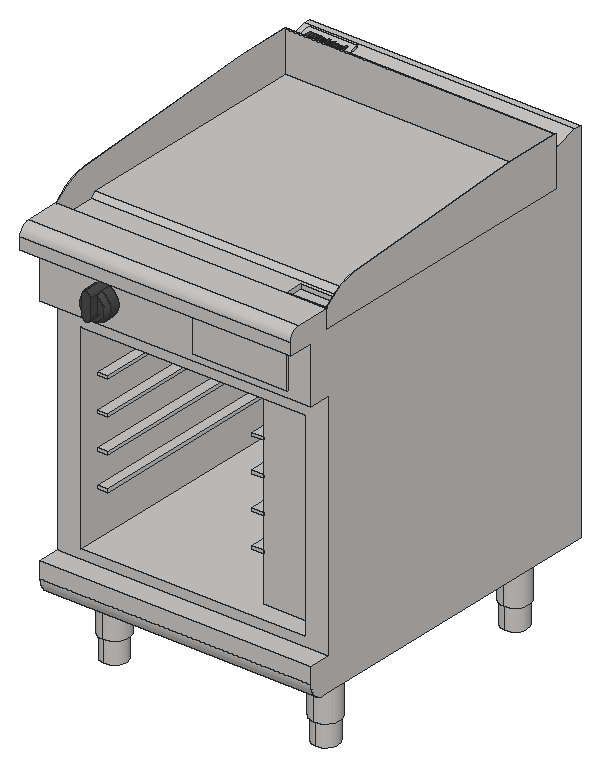
Revit family "QF_MOFFAT WALDORF_GPL8600E-CB", category Specialty Equipment, Revit 2012
Parameters
  Weight in Pounds = 264.5544  # constant formula
  Width [instance] = 600.00 mm  # constant formula
  Watts = 7200 W
  Volts = 240 V
  URL Cutsheet = "www.moffat.com"
  URL = "www.moffat.com"
  Type Mark [instance] = ""
  Status [instance] = ""
  Specification by User [instance] = ""
  Specification by Manufacturer = ""
  Show Logo [instance] = yes
  Show Casters [instance] = no
  Serial Number = ""
  Seismic Rating = ""
  SMACNA No = ""
  Revision Code [instance] = ""
  Phase = 1
  Omniclass Number and Title = ""
  Number of Poles = 1
  NAFEM Spec ID Number = ""
  Model = "GPL8600E-CB"
  Min Ckt Ampacity = 0 A
  Max Overcurrent Protection = 0 A
  Masterspec = ""
  Manufacturer = "MOFFAT WALDORF"
  Legs [instance] = not(Show Casters)  # yes
  Item Number [instance] = ""
  Installed By [instance] = ""
  Identify Quantity as Lot [instance] = yes
  Height = 970.00 mm  # constant formula
  HP = ""
  Furnished By [instance] = ""
  Foodservice Equipment Identifier [instance] = yes
  FL Amps = 30 A
  Elec Conn RI Height = 0.00 mm
  Elec Conn Connection Height = 0.00 mm
  Description = "GRIDDLE PLATE LOW SPLASHBACK ELECTRIC ON CABINET BASE"
  Depth [instance] = 805.00 mm  # constant formula
  Cycle = 50 Hz
  Conn Plug = ""
  Conn Conduit = yes
  CSI MasterFormat = ""
  CSI Master Format = ""
  Back Splash [instance] = 215.00 mm  # constant formula
  Apparent Power = if(Phase = 3, Volts * FL Amps * 1.73, Volts * FL Amps)  # 7200 VA
Reference planes
  plane 1 "BACK": y = 0
  plane 2: z = 0
  plane 3 "LEFT": x = 0
  plane 4 "RIGHT": x = 600
  plane 5 "FRONT": y = -805
  plane 6 "TOP": z = 970
  plane 7 "Center Y": x = 300
  plane 8 "Center X": y = -402.5
  plane 9 "Base Height": z = 150
  plane 10: z = 915
  plane 11: x = 65
  plane 12: x = 534
  plane 13: y = -625
  plane 14: y = -100
  plane 15: x = 470
  plane 16: y = -32
  plane 17: z = 710
Forms (mm)
  Extrusion 1, solid, material "QF_Finishes_Stainless Steel"
    sketch origin (0, 0, 0) x (0, 1, 0) y (0, 0, 1)
      loop
        line (-699, 222.5) -> (-749, 222.5) -> (-749, 188)
        arc (-749, 188) -> (-737.87, 161.13) -> (-711, 150) r 38
        line (-711, 150) -> (-699, 150) -> (-699, 222.5)
      loop
        line (-100, 150) -> (0, 150) -> (0, 970) -> (-15, 970) -> (-61.106, 957.646)
        arc (-61.106, 957.646) -> (-67.52, 953.36) -> (-70, 946.055) r 12
        line (-70, 946.055) -> (-70, 875) -> (-705, 875) -> (-705, 915) -> (-781, 915)
        arc (-781, 915) -> (-797.971, 907.971) -> (-805, 891) r 24
        line (-805, 891) -> (-805, 866) -> (-749, 866) -> (-749, 740) -> (-100, 740) -> (-100, 150)
    from 0 to 600
  Revolve 2, solid, material "QF_Finishes_Stainless Steel", visible <- "Legs"
    sketch origin (534, -210, 0) x (0, 1, 0) y (0, 0, -1)
      loop
        line (78.25, -150) -> (110, -150) -> (110, 0) -> (82.5, 0) -> (82.5, -50) -> (78.25, -50) -> (78.25, -150)
      axis (110, -150) -> (110, 0)
    angle from 0 to 360
  Revolve 3, solid, material "QF_Finishes_Stainless Steel"
    sketch origin (534, -735, 0) x (0, 1, 0) y (0, 0, -1)
      loop
        line (78.25, -150) -> (110, -150) -> (110, 0) -> (82.5, 0) -> (82.5, -50) -> (78.25, -50) -> (78.25, -150)
      axis (110, -150) -> (110, 0)
    angle from 0 to 360
  Revolve 4, solid, material "QF_Finishes_Stainless Steel", visible <- "Legs"
    sketch origin (65, -210, 0) x (0, 1, 0) y (0, 0, -1)
      loop
        line (78.25, -150) -> (110, -150) -> (110, 0) -> (82.5, 0) -> (82.5, -50) -> (78.25, -50) -> (78.25, -150)
      axis (110, -150) -> (110, 0)
    angle from 0 to 360
  Revolve 5, solid, material "QF_Finishes_Stainless Steel"
    sketch origin (65, -735, 0) x (0, 1, 0) y (0, 0, -1)
      loop
        line (78.25, -150) -> (110, -150) -> (110, 0) -> (82.5, 0) -> (82.5, -50) -> (78.25, -50) -> (78.25, -150)
      axis (110, -150) -> (110, 0)
    angle from 0 to 360
  Revolve 6, solid, material "QF_Finishes_Black"
    sketch origin (150, 0, 602.373) x (0, 1, 0) y (0, 0, -1)
      loop
        line (-782, -229.5) -> (-759, -229.5) -> (-759, -202) -> (-749, -202) -> (-749, -197) -> (-793, -197) -> (-793, -223.651) -> (-782, -229.5)
      axis (-793, -197) -> (-749, -197)
    angle from 0 to 360
  Extrusion 7, solid, material "QF_Finishes_Black"
    sketch origin (288.27, 0, 602.531) x (-1, 0, 0) y (0, 0, -1)
      loop
        arc (148.269, -184.969) -> (138.269, -174.969) -> (128.269, -184.969) r 10
        line (128.269, -184.969) -> (128.269, -223.969)
        arc (128.269, -223.969) -> (138.269, -233.969) -> (148.269, -223.969) r 10
        line (148.269, -223.969) -> (148.269, -184.969)
    from 759 to 808
  Extrusion 8, solid, material "QF_Finishes_Stainless Steel"
    sketch origin (0, -749, 866) x (0, 0, -1) y (1, 0, 0)
      loop
        line (24, 340) -> (111, 340) -> (111, 550) -> (24, 550) -> (24, 340)
    from 0 to 2.5
  Extrusion 9, solid, material "QF_Finishes_Stainless Steel"
    sketch origin (0, -751.5, 866) x (0, 0, -1) y (1, 0, 0)
      loop
        line (31, 550) -> (24, 550) -> (24, 340) -> (31, 340) -> (31, 550)
    from 0 to 5
  Extrusion 10, solid, material "QF_Finishes_Stainless Steel"
    sketch origin (0, -699, 685) x (1, 0, 0) y (0, -1, 0)
      loop
        circle (470, -667) r 10
    from -55 to -25
  Extrusion 11, solid, material "QF_Finishes_Stainless Steel"
    sketch origin (0, -100, 685) x (0, 0, 1) y (-1, 0, 0)
      loop
        line (-535, 0) -> (-535, -600) -> (55, -600) -> (55, 0) -> (-535, 0)
      loop
        line (0, -50) -> (-442.5, -50) -> (-442.5, -550) -> (0, -550) -> (0, -50)
    from 0 to 599
  Extrusion 12, solid, material "QF_Finishes_Stainless Steel"
    sketch origin (0, -100, 685) x (0, 0, 1) y (-1, 0, 0)
      loop
        line (-266.25, -50) -> (-266.25, -75) -> (-259.9, -75) -> (-259.9, -50) -> (-266.25, -50)
      loop
        line (-184.9, -75) -> (-184.9, -50) -> (-191.25, -50) -> (-191.25, -75) -> (-184.9, -75)
      loop
        line (-341.25, -50) -> (-341.25, -75) -> (-334.9, -75) -> (-334.9, -50) -> (-341.25, -50)
      loop
        line (-109.9, -75) -> (-109.9, -50) -> (-116.25, -50) -> (-116.25, -75) -> (-109.9, -75)
      loop
        line (-266.25, -419.5) -> (-259.9, -419.5) -> (-259.9, -394.5) -> (-266.25, -394.5) -> (-266.25, -419.5)
      loop
        line (-184.9, -394.5) -> (-191.25, -394.5) -> (-191.25, -419.5) -> (-184.9, -419.5) -> (-184.9, -394.5)
      loop
        line (-341.25, -419.5) -> (-334.9, -419.5) -> (-334.9, -394.5) -> (-341.25, -394.5) -> (-341.25, -419.5)
      loop
        line (-109.9, -394.5) -> (-116.25, -394.5) -> (-116.25, -419.5) -> (-109.9, -419.5) -> (-109.9, -394.5)
    from 0 to 554
  Extrusion 13, solid, material "QF_Finishes_Stainless Steel"
    sketch origin (0, -100, 685) x (0, 0, 1) y (-1, 0, 0)
      loop
        line (0, -550) -> (0, -419.5) -> (-442.5, -419.5) -> (-442.5, -550) -> (0, -550)
    from 546.898 to 554
  Extrusion 14, void
    sketch origin (0, 0, 150) x (-1, 0, 0) y (0, -1, 0)
      loop
        line (-535.614, 87.26) -> (-535.614, -30.24) -> (-406.114, -30.24) -> (-406.114, 38.76) -> (-454.614, 87.26) -> (-535.614, 87.26)
    from 72.5 to 590
Cuts and joins
  joined: Extrusion 8, Extrusion 9
  Extrusion 14 cuts Extrusion 1
  joined: Extrusion 1, Extrusion 11
Lines and regions (mm)
  Split face 1
    outline origin (12.5, -17.878, 969.229) x (0, -0.965926, -0.258819) y (1, 0, 0)
      loop
        line (2.411, 151.462) -> (37.194, 151.462) -> (37.194, 169.241) -> (2.411, 169.241) -> (2.411, 151.462)
  Split face 2
    outline origin (66.25, -17.878, 969.229) x (0, -0.965926, -0.258819) y (1, 0, 0)
      loop
        line (2.411, 151.462) -> (37.194, 151.462) -> (37.194, 169.241) -> (2.411, 169.241) -> (2.411, 151.462)
  Split face 3
    outline origin (120, -17.878, 969.229) x (0, -0.965926, -0.258819) y (1, 0, 0)
      loop
        line (2.411, 151.462) -> (37.194, 151.462) -> (37.194, 169.241) -> (2.411, 169.241) -> (2.411, 151.462)
  Split face 4
    outline origin (173.75, -17.878, 969.229) x (0, -0.965926, -0.258819) y (1, 0, 0)
      loop
        line (2.411, 151.462) -> (37.194, 151.462) -> (37.194, 169.241) -> (2.411, 169.241) -> (2.411, 151.462)
  Split face 5
    outline origin (227.5, -17.878, 969.229) x (0, -0.965926, -0.258819) y (1, 0, 0)
      loop
        line (2.411, 151.462) -> (37.194, 151.462) -> (37.194, 169.241) -> (2.411, 169.241) -> (2.411, 151.462)
  Split face 6
    outline origin (281.25, -17.878, 969.229) x (0, -0.965926, -0.258819) y (1, 0, 0)
      loop
        line (2.411, 151.462) -> (37.194, 151.462) -> (37.194, 169.241) -> (2.411, 169.241) -> (2.411, 151.462)
  Split face 7
    outline origin (335, -17.878, 969.229) x (0, -0.965926, -0.258819) y (1, 0, 0)
      loop
        line (2.411, 151.462) -> (37.194, 151.462) -> (37.194, 169.241) -> (2.411, 169.241) -> (2.411, 151.462)
  symbolic lines
    curve 1: line (0, 0, 0) -> (0, -805, 0)
    curve 2: line (600, 0, 0) -> (0, 0, 0)
    curve 3: line (600, -805, 0) -> (600, 0, 0)
    curve 4: line (0, -70, 0) -> (600, -70, 0)
    curve 5: line (0, -805, 0) -> (600, -805, 0)
    curve 6: line (12.5, -20.958, 0) -> (121.5, -20.958, 0)
    curve 7: line (12.5, -51.234, 0) -> (12.5, -20.958, 0)
    curve 8: line (121.5, -20.958, 0) -> (121.5, -51.234, 0)
    curve 9: line (12.5, -51.234, 0) -> (121.5, -51.234, 0)
    curve 10: line (181.741, -21.168, 0) -> (181.741, -51.453, 0)
    curve 11: line (181.741, -51.453, 0) -> (163.962, -51.453, 0)
    curve 12: line (163.962, -51.453, 0) -> (163.962, -21.168, 0)
    curve 13: line (163.962, -21.168, 0) -> (181.741, -21.168, 0)
    curve 14: line (217.712, -51.453, 0) -> (217.712, -21.168, 0)
    curve 15: line (217.712, -21.168, 0) -> (235.491, -21.168, 0)
    curve 16: line (235.491, -21.168, 0) -> (235.491, -51.453, 0)
    curve 17: line (235.491, -51.453, 0) -> (217.712, -51.453, 0)
    curve 18: line (271.462, -51.453, 0) -> (271.462, -21.168, 0)
    curve 19: line (271.462, -21.168, 0) -> (289.241, -21.168, 0)
    curve 20: line (289.241, -21.168, 0) -> (289.241, -51.453, 0)
    curve 21: line (289.241, -51.453, 0) -> (271.462, -51.453, 0)
    curve 22: line (325.212, -21.168, 0) -> (325.212, -51.453, 0)
    curve 23: line (325.212, -51.453, 0) -> (342.991, -51.453, 0)
    curve 24: line (342.991, -51.453, 0) -> (342.991, -21.168, 0)
    curve 25: line (342.991, -21.168, 0) -> (325.212, -21.168, 0)
    curve 26: line (378.962, -51.453, 0) -> (378.962, -21.168, 0)
    curve 27: line (378.962, -21.168, 0) -> (396.741, -21.168, 0)
    curve 28: line (396.741, -21.168, 0) -> (396.741, -51.453, 0)
    curve 29: line (396.741, -51.453, 0) -> (378.962, -51.453, 0)
    curve 30: line (432.712, -21.168, 0) -> (432.712, -51.453, 0)
    curve 31: line (432.712, -51.453, 0) -> (450.491, -51.453, 0)
    curve 32: line (450.491, -51.453, 0) -> (450.491, -21.168, 0)
    curve 33: line (450.491, -21.168, 0) -> (432.712, -21.168, 0)
    curve 34: line (486.462, -51.453, 0) -> (486.462, -21.168, 0)
    curve 35: line (486.462, -21.168, 0) -> (504.241, -21.168, 0)
    curve 36: line (504.241, -21.168, 0) -> (504.241, -51.453, 0)
    curve 37: line (504.241, -51.453, 0) -> (486.462, -51.453, 0)
Dimensions and locks
  equal spacing: plane 3 "LEFT", plane 7 "Center Y", plane 4 "RIGHT"
  "Width": plane 3 "LEFT" to plane 4 "RIGHT"
  equal spacing: plane 5 "FRONT", plane 8 "Center X", plane 1 "BACK"
  "Depth": plane 5 "FRONT" to plane 1 "BACK"
  locked: plane 10 to level at 915
  locked: plane 9 "Base Height" to level at 150
  nested 1 to plane 6 "TOP" to nested 1 to plane 10 = 0.283 mm locked, 8.727 mm locked, 46.273 mm locked
  plane 13 to plane 14 = 525.00 mm
  plane 12 to plane 11 = 469.00 mm
  "Height": plane 6 "TOP" to level
  plane 15 to plane 4 "RIGHT" = 130.00 mm
  plane 16 to plane 1 "BACK" = 32.00 mm
  plane 17 to level = 710.00 mm
  aligned and locked: level to plane 2
Automatic sketch dimensions
  plane 1 "BACK" to curve 1 = 0.00 mm
  curve 1 to plane 3 "LEFT" = 0.00 mm
  curve 3 to plane 4 "RIGHT" = 0.00 mm
  plane 5 "FRONT" to curve 5 = 0.00 mm
  plane 3 "LEFT" to curve 6 = 12.50 mm
  plane 11 to curve 9 = 56.50 mm
  plane 14 to curve 4 = 30.00 mm
  curve 4 to curve 7 = 18.766 mm
  plane 1 "BACK" to curve 6 = 20.958 mm
  Revolve 2 sketch curve to plane 9 "Base Height" = 0.00 mm
  Revolve 2 sketch curve to level = 0.00 mm
  Revolve 2 sketch curve to plane 14 = 0.00 mm  (x2)
  Revolve 2 sketch curve to plane 14 = 27.50 mm
  Revolve 2 sketch curve to plane 14 = 31.75 mm
  level to Revolve 2 sketch curve = 50.00 mm
  Revolve 2 sketch curve to Revolve 2 sketch curve = 0.00 mm
  Revolve 2 sketch curve to Revolve 2 sketch curve = 55.00 mm
  Revolve 3 sketch curve to plane 9 "Base Height" = 0.00 mm
  Revolve 3 sketch curve to level = 0.00 mm
  Revolve 3 sketch curve to plane 13 = 0.00 mm  (x2)
  Revolve 3 sketch curve to plane 13 = 27.50 mm
  Revolve 3 sketch curve to plane 13 = 31.75 mm
  level to Revolve 3 sketch curve = 50.00 mm
  Revolve 3 sketch curve to Revolve 3 sketch curve = 0.00 mm
  Revolve 3 sketch curve to Revolve 3 sketch curve = 55.00 mm
  Revolve 4 sketch curve to plane 9 "Base Height" = 0.00 mm
  Revolve 4 sketch curve to level = 0.00 mm
  Revolve 4 sketch curve to plane 14 = 0.00 mm  (x2)
  Revolve 4 sketch curve to plane 14 = 27.50 mm
  Revolve 4 sketch curve to plane 14 = 31.75 mm
  level to Revolve 4 sketch curve = 50.00 mm
  Revolve 4 sketch curve to Revolve 4 sketch curve = 0.00 mm
  Revolve 4 sketch curve to Revolve 4 sketch curve = 55.00 mm
  Revolve 5 sketch curve to plane 9 "Base Height" = 0.00 mm
  Revolve 5 sketch curve to level = 0.00 mm
  Revolve 5 sketch curve to plane 13 = 0.00 mm  (x2)
  Revolve 5 sketch curve to plane 13 = 27.50 mm
  Revolve 5 sketch curve to plane 13 = 31.75 mm
  level to Revolve 5 sketch curve = 50.00 mm
  Revolve 5 sketch curve to Revolve 5 sketch curve = 0.00 mm
  Revolve 5 sketch curve to Revolve 5 sketch curve = 55.00 mm
  Extrusion 1 to Split face 1 sketch curve = 5.391 mm
  Split face 1 sketch curve to Extrusion 1 = 7.559 mm
  Split face 1 sketch curve to Extrusion 1 = 163.962 mm
  Split face 1 sketch curve to Split face 1 sketch curve = 17.779 mm
  Extrusion 1 to Split face 2 sketch curve = 5.391 mm
  Split face 2 sketch curve to Extrusion 1 = 7.559 mm
  Split face 2 sketch curve to Extrusion 1 = 217.712 mm
  Split face 2 sketch curve to Split face 2 sketch curve = 17.779 mm
  Extrusion 1 to Split face 3 sketch curve = 5.391 mm
  Split face 3 sketch curve to Extrusion 1 = 7.559 mm
  Split face 3 sketch curve to Extrusion 1 = 271.462 mm
  Split face 3 sketch curve to Split face 3 sketch curve = 17.779 mm
  Extrusion 1 to Split face 4 sketch curve = 5.391 mm
  Split face 4 sketch curve to Extrusion 1 = 7.559 mm
  Split face 4 sketch curve to Extrusion 1 = 274.788 mm
  Split face 4 sketch curve to Split face 4 sketch curve = 17.779 mm
  Extrusion 1 to Split face 5 sketch curve = 5.391 mm
  Split face 5 sketch curve to Extrusion 1 = 7.559 mm
  Split face 5 sketch curve to Extrusion 1 = 221.038 mm
  Split face 5 sketch curve to Split face 5 sketch curve = 17.779 mm
  Extrusion 1 to Split face 6 sketch curve = 5.391 mm
  Split face 6 sketch curve to Extrusion 1 = 7.559 mm
  Split face 6 sketch curve to Extrusion 1 = 167.288 mm
  Split face 6 sketch curve to Split face 6 sketch curve = 17.779 mm
  Extrusion 1 to Split face 7 sketch curve = 5.391 mm
  Split face 7 sketch curve to Extrusion 1 = 7.559 mm
  Split face 7 sketch curve to Extrusion 1 = 113.538 mm
  Split face 7 sketch curve to Split face 7 sketch curve = 17.779 mm
  curve 8 to curve 12 = 42.462 mm
  curve 12 to curve 13 = 17.779 mm
  curve 12 to curve 8 = 0.219 mm
  plane 1 "BACK" to curve 10 = 21.168 mm
  curve 10 to curve 15 = 35.971 mm
  curve 14 to curve 17 = 17.779 mm
  curve 10 to curve 17 = 0.00 mm
  plane 1 "BACK" to curve 15 = 21.168 mm
  curve 18 to plane 7 "Center Y" = 28.538 mm
  curve 21 to plane 7 "Center Y" = 10.759 mm
  curve 16 to curve 18 = 0.00 mm
  plane 1 "BACK" to curve 20 = 21.168 mm
  plane 7 "Center Y" to curve 23 = 25.212 mm
  curve 22 to curve 25 = 17.779 mm
  plane 14 to curve 24 = 48.547 mm
  plane 1 "BACK" to curve 25 = 21.168 mm
  curve 24 to curve 27 = 35.971 mm
  curve 26 to curve 29 = 17.779 mm
  plane 14 to curve 29 = 48.547 mm
  plane 1 "BACK" to curve 26 = 21.168 mm
  curve 28 to curve 30 = 35.971 mm
  curve 30 to curve 33 = 17.779 mm
  plane 14 to curve 32 = 48.547 mm
  plane 1 "BACK" to curve 33 = 21.168 mm
  curve 31 to curve 34 = 35.971 mm
  curve 34 to curve 37 = 17.779 mm
  plane 14 to curve 37 = 48.547 mm
  plane 1 "BACK" to curve 34 = 21.168 mm
  Revolve 6 sketch curve to plane 5 "FRONT" = 12.00 mm
  Revolve 6 sketch curve to Revolve 6 sketch curve = 0.00 mm  (x2)
  Revolve 6 sketch curve to Revolve 6 sketch curve = 11.00 mm
  Revolve 6 sketch curve to Revolve 6 sketch curve = 12.70 mm
  Revolve 6 sketch curve to Revolve 6 sketch curve = 23.00 mm
  Revolve 6 sketch curve to Revolve 6 sketch curve = 10.00 mm
  plane 9 "Base Height" to Revolve 6 sketch curve = 681.873 mm
  Revolve 6 sketch curve to Revolve 6 sketch curve = 5.849 mm
  Revolve 6 sketch curve to Revolve 6 sketch curve = 27.50 mm
  Revolve 6 sketch curve to Revolve 6 sketch curve = 5.00 mm
  plane 11 to Extrusion 7 sketch curve = 95.001 mm
  Extrusion 7 sketch curve to Extrusion 7 sketch curve = 10.00 mm
  plane 9 "Base Height" to Extrusion 7 sketch curve = 676.50 mm
  plane 9 "Base Height" to Extrusion 7 sketch curve = 637.50 mm
  Extrusion 9 sketch curve to Extrusion 8 = 0.00 mm  (x2)
  Extrusion 8 to Extrusion 9 sketch curve = 0.00 mm
  Extrusion 9 sketch curve to Extrusion 8 = 7.00 mm
  Extrusion 1 to Extrusion 8 sketch curve = 24.00 mm
  Extrusion 8 sketch curve to Extrusion 1 = 15.00 mm
  Extrusion 1 to Extrusion 8 sketch curve = 260.00 mm
  Extrusion 1 to Extrusion 8 sketch curve = 50.00 mm
  Extrusion 1 sketch curve to plane 5 "FRONT" = 0.00 mm
  Extrusion 1 sketch curve to plane 10 = 0.00 mm
  Extrusion 1 sketch curve to plane 9 "Base Height" = 0.00 mm  (x2)
  Extrusion 1 sketch curve to plane 14 = 0.00 mm
  Extrusion 1 sketch curve to plane 6 "TOP" = 0.00 mm
  Extrusion 1 sketch curve to plane 1 "BACK" = 0.00 mm
  Extrusion 1 sketch curve to plane 5 "FRONT" = 24.00 mm
  Extrusion 1 sketch curve to plane 5 "FRONT" = 56.00 mm  (x2)
  Extrusion 1 sketch curve to Extrusion 1 sketch curve = 38.00 mm
  Extrusion 1 sketch curve to Extrusion 1 sketch curve = 44.00 mm
  Extrusion 1 sketch curve to Extrusion 1 sketch curve = 12.00 mm
  plane 14 to Extrusion 1 sketch curve = 30.00 mm
  Extrusion 1 sketch curve to Extrusion 1 sketch curve = 8.894 mm
  Extrusion 1 sketch curve to Extrusion 1 sketch curve = 3.106 mm
  plane 1 "BACK" to Extrusion 1 sketch curve = 15.00 mm
  Extrusion 1 sketch curve to Extrusion 1 sketch curve = 34.50 mm
  Extrusion 1 sketch curve to Extrusion 1 sketch curve = 25.00 mm
  Extrusion 1 sketch curve to Extrusion 1 sketch curve = 40.00 mm
  Extrusion 1 sketch curve to plane 6 "TOP" = 23.945 mm
  Extrusion 1 to Extrusion 11 sketch curve = 0.00 mm
  Extrusion 11 sketch curve to Extrusion 1 = 0.00 mm  (x3)
  Extrusion 1 to Extrusion 11 sketch curve = 92.50 mm
  Extrusion 1 to Extrusion 11 sketch curve = 50.00 mm  (x2)
  Extrusion 10 sketch curve to plane 15 = 0.00 mm
  Extrusion 10 sketch curve to plane 16 = 0.00 mm
  Extrusion 1 to Extrusion 11 sketch curve = 55.00 mm
  Extrusion 1 to Extrusion 13 sketch curve = 92.50 mm
  Extrusion 1 to Extrusion 13 sketch curve = 55.00 mm
  Extrusion 1 to Extrusion 13 sketch curve = 50.00 mm
  Extrusion 13 sketch curve to Extrusion 13 sketch curve = 130.50 mm
  Extrusion 1 to Extrusion 12 sketch curve = 50.00 mm  (x2)
  Extrusion 1 to Extrusion 12 sketch curve = 193.75 mm  (x2)
  Extrusion 12 sketch curve to Extrusion 12 sketch curve = 6.35 mm  (x8)
  Extrusion 12 sketch curve to Extrusion 12 sketch curve = 68.65 mm  (x6)
  Extrusion 12 sketch curve to Extrusion 12 sketch curve = 25.00 mm  (x8)
  Extrusion 12 sketch curve to Extrusion 12 sketch curve = 0.00 mm  (x4)
  Extrusion 1 to Extrusion 12 sketch curve = 75.00 mm
  Extrusion 1 to Extrusion 12 sketch curve = 205.50 mm
  Extrusion 1 sketch curve to Extrusion 1 sketch curve = 135.00 mm
  Extrusion 14 sketch curve to plane 12 = 1.614 mm
  Extrusion 14 sketch curve to plane 15 = 15.386 mm
  Extrusion 14 sketch curve to plane 16 = 6.76 mm
  Extrusion 14 sketch curve to plane 15 = 63.886 mm
  Extrusion 14 sketch curve to plane 1 "BACK" = 30.24 mm
  plane 14 to Extrusion 14 sketch curve = 12.74 mm
  radius of Extrusion 10 sketch curve = 10.00 mm
Nested families
  nested 1: "WALDORF-LOGO" at (12.5, -35.273, 948.036), visible <- "Show Logo", type "WALDORF-LOGO", detail levels medium+fine
    with Type Mark "", Status "", Specification by User "", Revision Code "", Item Number "", Installed By "", Identify Quantity as Lot yes, Furnished By "", Foodservice Equipment Identifier yes
  nested 2: "GPL8600E-CB-CASTERS" at (65, -127.5, 0), Show Casters <- "Show Casters", visible <- "Show Casters", type "GPL8600E-CB-CASTERS"
    with Type Mark "", Status "", Specification by User "", Show Casters no, Revision Code "", Item Number "", Installed By "", Identify Quantity as Lot yes, Furnished By "", Foodservice Equipment Identifier yes
  nested 3: "GPL8600E-CB-CASTERS" at (535, -127.5, 0), Show Casters <- "Show Casters", visible <- "Show Casters", type "GPL8600E-CB-CASTERS"
    with Type Mark "", Status "", Specification by User "", Show Casters no, Revision Code "", Item Number "", Installed By "", Identify Quantity as Lot yes, Furnished By "", Foodservice Equipment Identifier yes
  nested 4: "GAS GRIDDLE PLATE" at (0, -70, 874.5), type "GAS GRIDDLE PLATE"
    with Type Mark "", Status "", Specification by User "", Show Clearance yes, Revision Code "", Number of Poles 1, Mechanical Remarks "", Mechanical Connection Type "", Item Number "", Installed By "", Identify Quantity as Lot yes, Gas RI Height 0.00 mm, Gas KW 0, Gas Input 0.0 Btu/h, Furnished By "", Foodservice Equipment Identifier yes, Electrical Remarks "", Electric Connection Type "", Elec Conn RI Height 0.00 mm, Elec Conn Connection Height 0.00 mm
Connectors
  electrical at (470, -32, 710), driven by "Volts", driven by "Watts"
    settings: on Extrusion 10, index 1, voltage 240 V, apparent load 7200 VA, apparent load phase1 0 VA, apparent load phase2 0 VA, apparent load phase3 0 VA, power factor 1, load classification "Other", number of poles 1, system type 30, power factor state 1, is connector primary yes, connector utility no, sub classification motor no, connector description "ELECTRICAL CONNECTION"
Definition of nested family "WALDORF-LOGO"
  Parameters (values of type "WALDORF-LOGO")
    Weight in Pounds = 0
    URL Cutsheet = ""
    Type Mark [instance] = ""
    Status [instance] = ""
    Specification by User [instance] = ""
    Specification by Manufacturer = ""
    Show Logo [instance] = yes
    Serial Number = ""
    Seismic Rating = ""
    SMACNA No = ""
    Revision Code [instance] = ""
    Omniclass Number and Title = ""
    NAFEM Spec ID Number = ""
    Masterspec = ""
    Item Number [instance] = ""
    Installed By [instance] = ""
    Identify Quantity as Lot [instance] = yes
    Furnished By [instance] = ""
    Foodservice Equipment Identifier [instance] = yes
    CSI MasterFormat = ""
    CSI Master Format = ""
  Reference planes
    plane 1 "BACK": y = 0
    plane 2: z = 0
    plane 3 "LEFT": x = 0
    plane 4 "RIGHT": x = 109
    plane 5 "FRONT": y = -1.588
    plane 6 "TOP": z = 34.14
    plane 7 "Center Y": x = 54.5
    plane 8 "Center X": y = -0.794
  Forms (mm)
    Extrusion 1, solid, material "QF_Finishes_Stainless Steel", visible <- "Show Logo"
      sketch origin (0, -16.844, 11.705) x (1, 0, 0) y (0, 0.964546, 0.263916)
        loop
          arc (5, 34.14) -> (1.464, 32.676) -> (0, 29.14) r 5
          line (0, 29.14) -> (0, 5)
          arc (0, 5) -> (1.464, 1.464) -> (5, 0) r 5
          line (5, 0) -> (104, 0)
          arc (104, 0) -> (107.536, 1.464) -> (109, 5) r 5
          line (109, 5) -> (109, 29.14)
          arc (109, 29.14) -> (107.536, 32.676) -> (104, 34.14) r 5
          line (104, 34.14) -> (5, 34.14)
      from 0 to 1.588
    Extrusion 2, solid, material "QF_Finishes_Black", visible <- "Show Logo"
      sketch origin (0, -17.263, 13.237) x (1, 0, 0) y (0, 0.964546, 0.263916)
        loop
          line (24.772, 23.214) -> (27.992, 10.301) -> (31.551, 10.301) -> (33.443, 17.364) -> (35.205, 10.301) -> (39.332, 10.301) -> (42.077, 23.214) -> (38.352, 23.214) -> (36.676, 15.33) -> (35, 23.214) -> (31.752, 23.214) -> (30.076, 15.33) -> (28.4, 23.214) -> (24.772, 23.214)
        loop
          line (42.272, 17.055) -> (45.703, 17.055)
          spline (45.703, 17.055) -> (45.741, 17.285) -> (45.852, 17.499) -> (46.028, 17.682) -> (46.258, 17.823) -> (46.526, 17.912) -> (46.813, 17.942) -> (47.1, 17.912) -> (47.368, 17.823) -> (47.597, 17.682) -> (47.774, 17.499) -> (47.884, 17.285) -> (47.922, 17.055)
          line (47.922, 17.055) -> (47.922, 16.222)
          arc (47.922, 16.222) -> (45.742, 16.014) -> (43.665, 15.317) r 9.604
          arc (43.665, 15.317) -> (41.924, 12.809) -> (43.665, 10.301) r 2.677
          arc (43.665, 10.301) -> (45.527, 10.353) -> (47.332, 10.816) r 8.365
          line (47.332, 10.816) -> (48.092, 11.105) -> (48.092, 10.301) -> (51.817, 10.301) -> (51.817, 17.055)
          spline (51.817, 17.055) -> (51.654, 17.821) -> (51.178, 18.535) -> (50.419, 19.148) -> (49.431, 19.619) -> (48.28, 19.914) -> (47.044, 20.015) -> (45.809, 19.914) -> (44.658, 19.619) -> (43.67, 19.148) -> (42.911, 18.535) -> (42.434, 17.821) -> (42.272, 17.055)
        loop
          line (53.151, 23.214) -> (53.151, 10.301) -> (57.37, 10.301) -> (57.37, 23.214) -> (53.151, 23.214)
        loop
          line (64.874, 23.214) -> (64.874, 18.857)
          arc (64.874, 18.857) -> (58.083, 15.11) -> (64.874, 11.363) r 4.429
          line (64.874, 11.363) -> (64.874, 10.301) -> (68.378, 10.301) -> (68.378, 23.214) -> (64.874, 23.214)
        loop
          arc (64.874, 16.083) -> (61.41, 14.987) -> (64.874, 13.891) r 1.905
          line (64.874, 13.891) -> (64.874, 16.083)
        loop
          circle (74.623, 15.223) r 5
        loop
          spline (74.623, 17.856) -> (74.355, 17.766) -> (74.105, 17.503) -> (73.891, 17.084) -> (73.726, 16.539) -> (73.623, 15.904) -> (73.588, 15.223) -> (73.623, 14.541) -> (73.726, 13.906) -> (73.891, 13.361) -> (74.105, 12.942) -> (74.355, 12.679) -> (74.623, 12.59)
          spline (74.623, 12.59) -> (74.891, 12.679) -> (75.141, 12.942) -> (75.355, 13.361) -> (75.52, 13.906) -> (75.623, 14.541) -> (75.659, 15.223) -> (75.623, 15.904) -> (75.52, 16.539) -> (75.355, 17.084) -> (75.141, 17.503) -> (74.891, 17.766) -> (74.623, 17.856)
        loop
          line (81.255, 19.813) -> (81.255, 10.301) -> (84.834, 10.301) -> (84.834, 14.176)
          arc (84.834, 14.176) -> (85.854, 16.093) -> (88.013, 16.32) r 2.313
          line (88.013, 16.32) -> (88.013, 19.813) -> (87.161, 19.813)
          arc (87.161, 19.813) -> (85.526, 19.266) -> (84.549, 17.844) r 2.717
          line (84.549, 17.844) -> (84.549, 19.813) -> (81.255, 19.813)
        loop
          line (90.249, 19.813) -> (88.91, 19.813) -> (88.91, 17.614) -> (90.249, 17.614) -> (90.249, 10.301) -> (93.998, 10.301) -> (93.998, 17.614) -> (95.418, 17.614) -> (95.418, 19.813) -> (93.998, 19.813)
          arc (93.998, 19.813) -> (94.414, 20.817) -> (95.418, 21.233) r 1.42
          line (95.418, 21.233) -> (95.418, 23.602) -> (93.317, 23.602)
          arc (93.317, 23.602) -> (91.343, 22.903) -> (90.249, 21.118) r 3.137
          line (90.249, 21.118) -> (90.249, 19.813)
        loop
          arc (15.241, 23.571) -> (8.392, 16.525) -> (15.241, 9.479) r 7.049
          line (15.241, 9.479) -> (15.241, 23.571)
        loop
          line (15.641, 23.571) -> (15.641, 9.479)
          arc (15.641, 9.479) -> (22.49, 16.525) -> (15.641, 23.571) r 7.049
        loop
          arc (47.922, 14.711) -> (46.266, 13.749) -> (47.922, 12.787) r 1.107
          line (47.922, 12.787) -> (47.922, 14.711)
      from 0 to 0.2
  Dimensions and locks
    equal spacing: plane 3 "LEFT", plane 7 "Center Y", plane 4 "RIGHT"
    plane 3 "LEFT" to plane 4 "RIGHT" = 109.00 mm
    equal spacing: plane 5 "FRONT", plane 8 "Center X", plane 1 "BACK"
    plane 5 "FRONT" to plane 1 "BACK" = 1.588 mm
    aligned and locked: level to plane 2
  Automatic sketch dimensions
    Extrusion 1 sketch curve to plane 3 "LEFT" = 0.00 mm
    Extrusion 1 sketch curve to plane 4 "RIGHT" = 0.00 mm
    plane 3 "LEFT" to Extrusion 1 sketch curve = 5.00 mm  (x2)
    plane 4 "RIGHT" to Extrusion 1 sketch curve = 5.00 mm
    Extrusion 1 sketch curve to Extrusion 1 sketch curve = 5.00 mm
    Extrusion 1 sketch curve to Extrusion 1 sketch curve = 24.14 mm
    Extrusion 2 sketch curve to Extrusion 2 sketch curve = 0.00 mm  (x14)
    Extrusion 2 sketch curve to Extrusion 1 = 15.241 mm
    Extrusion 2 sketch curve to Extrusion 2 sketch curve = 0.20 mm
    Extrusion 2 sketch curve to Extrusion 2 sketch curve = 0.40 mm
    Extrusion 2 sketch curve to Extrusion 2 sketch curve = 9.131 mm
    Extrusion 2 sketch curve to Extrusion 1 = 10.301 mm  (x2)
    Extrusion 2 sketch curve to Extrusion 2 sketch curve = 12.351 mm
    Extrusion 2 sketch curve to Extrusion 2 sketch curve = 3.628 mm
    Extrusion 2 sketch curve to Extrusion 2 sketch curve = 2.084 mm
    Extrusion 2 sketch curve to Extrusion 2 sketch curve = 3.559 mm
    Extrusion 2 sketch curve to Extrusion 1 = 10.926 mm  (x2)
    Extrusion 2 sketch curve to Extrusion 2 sketch curve = 3.352 mm  (x2)
    Extrusion 2 sketch curve to Extrusion 2 sketch curve = 3.367 mm
    Extrusion 2 sketch curve to Extrusion 2 sketch curve = 3.249 mm
    Extrusion 2 sketch curve to Extrusion 2 sketch curve = 3.654 mm
    Extrusion 2 sketch curve to Extrusion 1 = 15.33 mm
    Extrusion 2 sketch curve to Extrusion 2 sketch curve = 3.233 mm
    Extrusion 2 sketch curve to Extrusion 2 sketch curve = 4.128 mm
    Extrusion 2 sketch curve to Extrusion 2 sketch curve = 3.725 mm
    Extrusion 2 sketch curve to Extrusion 2 sketch curve = 5.596 mm
    Extrusion 2 sketch curve to Extrusion 2 sketch curve = 4.333 mm
    Extrusion 2 sketch curve to Extrusion 2 sketch curve = 1.394 mm
    Extrusion 2 sketch curve to Extrusion 2 sketch curve = 2.092 mm
    Extrusion 2 sketch curve to Extrusion 2 sketch curve = 0.936 mm
    Extrusion 2 sketch curve to Extrusion 2 sketch curve = 1.34 mm
    Extrusion 2 sketch curve to Extrusion 2 sketch curve = 1.109 mm
    Extrusion 2 sketch curve to Extrusion 2 sketch curve = 0.232 mm
    Extrusion 2 sketch curve to Extrusion 2 sketch curve = 2.731 mm
    Extrusion 2 sketch curve to Extrusion 2 sketch curve = 0.549 mm  (x2)
    Extrusion 2 sketch curve to Extrusion 2 sketch curve = 0.407 mm
    Extrusion 2 sketch curve to Extrusion 2 sketch curve = 0.76 mm
    Extrusion 2 sketch curve to Extrusion 2 sketch curve = 1.334 mm
    Extrusion 2 sketch curve to Extrusion 2 sketch curve = 4.219 mm
    Extrusion 2 sketch curve to Extrusion 2 sketch curve = 5.142 mm
    Extrusion 2 sketch curve to Extrusion 2 sketch curve = 0.803 mm
    Extrusion 2 sketch curve to Extrusion 2 sketch curve = 1.558 mm
    Extrusion 2 sketch curve to Extrusion 2 sketch curve = 3.504 mm
    Extrusion 2 sketch curve to Extrusion 2 sketch curve = 6.245 mm
    Extrusion 2 sketch curve to Extrusion 2 sketch curve = 6.632 mm
    Extrusion 2 sketch curve to Extrusion 2 sketch curve = 3.294 mm
    Extrusion 2 sketch curve to Extrusion 2 sketch curve = 3.579 mm
    Extrusion 2 sketch curve to Extrusion 2 sketch curve = 2.313 mm
    Extrusion 2 sketch curve to Extrusion 2 sketch curve = 2.612 mm
    Extrusion 2 sketch curve to Extrusion 2 sketch curve = 0.852 mm
    Extrusion 2 sketch curve to Extrusion 2 sketch curve = 0.897 mm
    Extrusion 2 sketch curve to Extrusion 2 sketch curve = 3.102 mm
    Extrusion 2 sketch curve to Extrusion 2 sketch curve = 1.338 mm
    Extrusion 2 sketch curve to Extrusion 2 sketch curve = 3.068 mm
    Extrusion 2 sketch curve to Extrusion 2 sketch curve = 0.681 mm
    Extrusion 2 sketch curve to Extrusion 2 sketch curve = 3.749 mm
    Extrusion 2 sketch curve to Extrusion 2 sketch curve = 1.42 mm
    Extrusion 2 sketch curve to Extrusion 2 sketch curve = 5.029 mm  (x2)
    Extrusion 2 sketch curve to Extrusion 1 = 9.479 mm
    Extrusion 2 sketch curve to Extrusion 2 sketch curve = 3.681 mm
    Extrusion 2 sketch curve to Extrusion 2 sketch curve = 0.515 mm
    Extrusion 2 sketch curve to Extrusion 2 sketch curve = 0.804 mm
    Extrusion 2 sketch curve to Extrusion 2 sketch curve = 1.062 mm
    Extrusion 2 sketch curve to Extrusion 2 sketch curve = 1.682 mm
    Extrusion 2 sketch curve to Extrusion 2 sketch curve = 2.508 mm
    Extrusion 2 sketch curve to Extrusion 2 sketch curve = 0.962 mm
    Extrusion 2 sketch curve to Extrusion 2 sketch curve = 2.528 mm
    Extrusion 2 sketch curve to Extrusion 2 sketch curve = 3.875 mm
    Extrusion 2 sketch curve to Extrusion 2 sketch curve = 1.096 mm
    Extrusion 2 sketch curve to Extrusion 2 sketch curve = 0.123 mm
    Extrusion 2 sketch curve to Extrusion 2 sketch curve = 4.922 mm
    Extrusion 2 sketch curve to Extrusion 2 sketch curve = 7.046 mm
    Extrusion 2 sketch curve to Extrusion 2 sketch curve = 0.833 mm
    Extrusion 2 sketch curve to Extrusion 2 sketch curve = 0.776 mm
    Extrusion 2 sketch curve to Extrusion 2 sketch curve = 2.034 mm
    Extrusion 2 sketch curve to Extrusion 2 sketch curve = 7.314 mm
    Extrusion 2 sketch curve to Extrusion 2 sketch curve = 1.295 mm
    Extrusion 2 sketch curve to Extrusion 2 sketch curve = 0.749 mm
    Extrusion 2 sketch curve to Extrusion 2 sketch curve = 2.633 mm
    Extrusion 2 sketch curve to Extrusion 2 sketch curve = 2.198 mm  (x2)
    Extrusion 2 sketch curve to Extrusion 2 sketch curve = 1.968 mm
    Extrusion 2 sketch curve to Extrusion 2 sketch curve = 0.653 mm
    Extrusion 2 sketch curve to Extrusion 2 sketch curve = 1.305 mm
    Extrusion 2 sketch curve to Extrusion 2 sketch curve = 4.357 mm
    Extrusion 2 sketch curve to Extrusion 2 sketch curve = 6.159 mm
    radius of Extrusion 2 sketch curve = 5.00 mm
Definition of nested family "GAS GRIDDLE PLATE"
  Parameters (values of type "GAS GRIDDLE PLATE_LOW")
    Weight in Pounds = 0
    Watts = 0 W
    Volts = 0 V
    URL Cutsheet = ""
    Type Mark [instance] = ""
    Status [instance] = ""
    Specification by User [instance] = ""
    Specification by Manufacturer = ""
    Show Clearance [instance] = yes
    Serial Number = ""
    Seismic Rating = ""
    SMACNA No = ""
    Revision Code [instance] = ""
    Phase = 1
    Omniclass Number and Title = ""
    Number of Poles [instance] = 1
    NAFEM Spec ID Number = ""
    Min Ckt Ampacity = 0 A
    Mechanical Remarks [instance] = ""
    Mechanical Connection Type [instance] = ""
    Max Overcurrent Protection = 0 A
    Masterspec = ""
    Item Number [instance] = ""
    Installed By [instance] = ""
    Identify Quantity as Lot [instance] = yes
    HP = ""
    Gas Size = 0"
    Gas RI Height [instance] = 0.00 mm
    Gas KW [instance] = 0
    Gas Input [instance] = 0.0 Btu/h
    Gas Connection Height = 0.00 mm
    Furnished By [instance] = ""
    Foodservice Equipment Identifier [instance] = yes
    FL Amps = 0 A
    Electrical Remarks [instance] = ""
    Electric Connection Type [instance] = ""
    Elec Conn RI Height [instance] = 0.00 mm
    Elec Conn Connection Height [instance] = 0.00 mm
    Cycle = 0 Hz
    Conn Plug = ""
    Conn Conduit = yes
    CSI MasterFormat = ""
    CSI Master Format = ""
    Apparent Power = if(Phase = 3, Volts * FL Amps * 1.73, Volts * FL Amps)  # 0 VA
  Reference planes
    plane 1 "BACK": y = 0
    plane 2: z = 0
    plane 3 "LEFT": x = 0
    plane 4 "RIGHT": x = 600
    plane 5 "FRONT": y = -634.4
    plane 6 "TOP": z = 142.5
    plane 7 "Center Y": x = 300
    plane 8 "Center X": y = -317.2
  Forms (mm)
    Extrusion 1, solid, material "QF_Finishes_Stainless Steel"
      sketch origin (0, 70.003, -874.5) x (0, 1, 0) y (0, 0, 1)
        loop
          line (-70, 875) -> (-70, 984.5) -> (-191.003, 984.5) -> (-626.368, 954.056)
          arc (-626.368, 954.056) -> (-652.773, 948.564) -> (-676.75, 936.215) r 100
          line (-676.75, 936.215) -> (-704.403, 916.852) -> (-704.403, 875) -> (-70, 875)
      from 0 to 1.8
    Extrusion 2, solid, material "QF_Finishes_Stainless Steel"
      sketch origin (600, 70.003, -874.5) x (0, -1, 0) y (0, 0, 1)
        loop
          line (70, 875) -> (704.403, 875) -> (704.403, 916.852) -> (676.75, 936.215)
          arc (676.75, 936.215) -> (652.773, 948.564) -> (626.368, 954.056) r 100
          line (626.368, 954.056) -> (191.003, 984.5) -> (70, 984.5) -> (70, 875)
      from 0 to 1.2
    Extrusion 3, solid, material "QF_Finishes_Stainless Steel"
      sketch origin (150, 70.003, -874.5) x (0, 1, 0) y (0, 0, 1)
        loop
          line (-70, 895) -> (-601, 895) -> (-611.5, 884.5) -> (-704.403, 884.5) -> (-704.403, 875) -> (-70, 875) -> (-70, 895)
      from -148.2 to 448.8
    Extrusion 4, void
      sketch origin (150, -541.497, 10) x (0, -1, 0) y (1, 0, 0)
        loop
          line (10, 414.3) -> (10, 325.8) -> (48.5, 325.8) -> (48.5, 414.3) -> (10, 414.3)
      from -41.4 to 40.142
    Extrusion 5, solid, material "QF_Finishes_Stainless Steel"
      sketch origin (150, 0.003, 211.574) x (0, 0, -1) y (1, 0, 0)
        loop
          line (101.574, -148.2) -> (191.074, -148.2) -> (191.074, 448.8) -> (101.574, 448.8) -> (101.574, -148.2)
      from 0 to 1.683
  Cuts and joins
    Extrusion 4 cuts Extrusion 3
  Lines and regions (mm)
    symbolic lines
      curve 1: line (598.8, -530.997, 0) -> (1.8, -530.997, 0)
      curve 2: line (1.8, -541.497, 0) -> (598.8, -541.497, 0)
      curve 3: line (475.8, -551.497, 0) -> (475.8, -589.997, 0)
      curve 4: line (475.8, -589.997, 0) -> (564.3, -589.997, 0)
      curve 5: line (564.3, -589.997, 0) -> (564.3, -551.497, 0)
      curve 6: line (564.3, -551.497, 0) -> (475.8, -551.497, 0)
      curve 7: line (1.8, -1.68, 0) -> (598.8, -1.68, 0)
      curve 8: line (598.8, 0, 0) -> (598.8, -634.4, 0)
      curve 9: line (1.8, -634.4, 0) -> (1.8, 0, 0)
      curve 10: line (1.8, -634.4, 0) -> (598.8, -634.4, 0)
  Dimensions and locks
    equal spacing: plane 3 "LEFT", plane 7 "Center Y", plane 4 "RIGHT"
    plane 3 "LEFT" to plane 4 "RIGHT" = 600.00 mm
    equal spacing: plane 5 "FRONT", plane 8 "Center X", plane 1 "BACK"
    plane 5 "FRONT" to plane 1 "BACK" = 634.40 mm
    aligned and locked: level to plane 2
  Automatic sketch dimensions
    plane 1 "BACK" to Extrusion 1 sketch curve = 634.40 mm
    level to Extrusion 1 sketch curve = 0.50 mm
    level to Extrusion 2 sketch curve = 0.50 mm
    plane 1 "BACK" to Extrusion 3 sketch curve = 634.40 mm
    level to Extrusion 3 sketch curve = 10.00 mm
    plane 1 "BACK" to Extrusion 3 sketch curve = 541.497 mm
    Extrusion 3 sketch curve to Extrusion 3 sketch curve = 10.50 mm
    level to Extrusion 3 sketch curve = 0.50 mm
    Extrusion 3 sketch curve to Extrusion 3 sketch curve = 531.00 mm
    level to Extrusion 3 sketch curve = 20.50 mm
    Extrusion 3 to Extrusion 4 sketch curve = 10.00 mm
    Extrusion 4 sketch curve to Extrusion 4 sketch curve = 38.50 mm
    Extrusion 3 to Extrusion 4 sketch curve = 123.00 mm
    Extrusion 3 to Extrusion 4 sketch curve = 34.50 mm
    plane 3 "LEFT" to Extrusion 5 sketch curve = 598.80 mm
    Extrusion 5 sketch curve to plane 6 "TOP" = 32.50 mm
    level to Extrusion 5 sketch curve = 20.50 mm
    Extrusion 5 sketch curve to Extrusion 5 sketch curve = 597.00 mm
    plane 5 "FRONT" to curve 10 = 0.00 mm
    plane 3 "LEFT" to curve 1 = 1.80 mm
    curve 4 to plane 5 "FRONT" = 44.403 mm
    plane 4 "RIGHT" to curve 4 = 124.20 mm
    plane 4 "RIGHT" to curve 5 = 35.70 mm
    plane 4 "RIGHT" to curve 8 = 1.20 mm
    curve 3 to curve 3 = 38.50 mm
    curve 9 to curve 2 = 92.903 mm
    curve 2 to curve 1 = 10.50 mm
    plane 1 "BACK" to curve 9 = 0.00 mm
    curve 7 to curve 9 = 0.00 mm
    plane 1 "BACK" to curve 8 = 0.00 mm
    plane 4 "RIGHT" to curve 7 = 1.20 mm
    plane 1 "BACK" to curve 7 = 1.68 mm
    Extrusion 2 sketch curve to Extrusion 2 sketch curve = 41.852 mm
    Extrusion 2 sketch curve to plane 6 "TOP" = 32.50 mm
    Extrusion 2 sketch curve to level = 20.20 mm
    Extrusion 2 sketch curve to plane 5 "FRONT" = 85.011 mm
    Extrusion 2 sketch curve to plane 5 "FRONT" = 78.035 mm
    Extrusion 2 sketch curve to plane 5 "FRONT" = 27.653 mm
    Extrusion 2 sketch curve to Extrusion 2 sketch curve = 19.363 mm
    plane 1 "BACK" to Extrusion 2 sketch curve = 121.00 mm
    Extrusion 2 sketch curve to plane 1 "BACK" = 0.003 mm
    plane 5 "FRONT" to Extrusion 2 sketch curve = 0.00 mm
    Extrusion 1 sketch curve to plane 1 "BACK" = 0.003 mm
    Extrusion 1 sketch curve to Extrusion 1 sketch curve = 41.852 mm
    Extrusion 1 sketch curve to plane 5 "FRONT" = 27.653 mm
    Extrusion 1 sketch curve to Extrusion 1 sketch curve = 19.363 mm
    Extrusion 1 sketch curve to Extrusion 1 sketch curve = 50.382 mm
    Extrusion 1 sketch curve to level = 20.20 mm
    Extrusion 1 sketch curve to plane 5 "FRONT" = 85.011 mm
    Extrusion 1 sketch curve to plane 6 "TOP" = 32.50 mm
    plane 1 "BACK" to Extrusion 1 sketch curve = 121.00 mm
Definition of nested family "GPL8600E-CB-CASTERS"
  Parameters (values of type "BT8600-LS-CASTERS")
    Weight = ""
    URL Manufacturer = ""
    URL Cutsheet = ""
    URL = ""
    Type Mark [instance] = ""
    Status [instance] = ""
    Specification by User [instance] = ""
    Specification by Manufacturer = ""
    Show Casters [instance] = no
    Serial Number = ""
    Seismic Rating = ""
    SMACNA No = ""
    Revision Code [instance] = ""
    Omniclass Number and Title = ""
    NAFEM Spec ID Number = ""
    Model = ""
    MasterSpec. = ""
    Manufacturer = ""
    Item Number [instance] = ""
    Installed By [instance] = ""
    Identify Quantity as Lot [instance] = yes
    Furnished By [instance] = ""
    Foodservice Equipment Identifier [instance] = yes
    Description = ""
    CSI MasterFormat = ""
    CSI Master Format = ""
    Assembly Code = ""
  Reference planes
    plane 1: z = 0
    plane 2 "RIGHT": x = 0
    plane 3 "FRONT": y = 0
    plane 4 "Base Height": z = 150
  Forms (mm)
    Revolve 1, solid, material "QF_Finishes_Stainless Steel", visible <- "Show Casters"
      sketch origin (0, 56.335, 0) x (0, 1, 0) y (0, 0, 1)
        loop
          line (-56.335, 152.4) -> (-56.335, 141.118) -> (-23.798, 141.118) -> (-23.798, 152.4) -> (-56.335, 152.4)
        axis (-56.335, 141.118) -> (-56.335, 152.4)
      angle from 0 to 360
    Extrusion 2, solid, material "QF_Finishes_Stainless Steel", visible <- "Show Casters"
      sketch origin (-46.049, 56.335, 0) x (0, 1, 0) y (0, 0, 1)
        loop
          line (-85.799, 141.118) -> (-85.799, 133.498) -> (-82.136, 133.498)
          arc (-82.136, 133.498) -> (-79.344, 132.328) -> (-77.146, 130.248) r 8.432
          line (-77.146, 130.248) -> (-39.502, 49.52)
          arc (-39.502, 49.52) -> (-13.784, 46.107) -> (-5.673, 70.75) r 20.32
          arc (-5.673, 70.75) -> (-7.065, 73.611) -> (-8.887, 76.22) r 20.32
          arc (-8.887, 76.22) -> (-9.399, 85.377) -> (-6.626, 94.119) r 25.4
          line (-6.626, 94.119) -> (8.003, 121.632)
          arc (8.003, 121.632) -> (-2.347, 126.31) -> (-13.34, 129.167) r 66.802
          line (-13.34, 129.167) -> (-13.765, 133.498) -> (-26.871, 133.498) -> (-26.871, 141.118) -> (-85.799, 141.118)
      from 20.058 to 22.923
    Extrusion 3, solid, material "QF_Finishes_Stainless Steel", visible <- "Show Casters"
      sketch origin (3.326, 56.335, 0) x (0, 1, 0) y (0, 0, 1)
        loop
          line (-85.799, 141.118) -> (-85.799, 133.498) -> (-82.136, 133.498)
          arc (-82.136, 133.498) -> (-79.344, 132.328) -> (-77.146, 130.248) r 8.432
          line (-77.146, 130.248) -> (-39.502, 49.52)
          arc (-39.502, 49.52) -> (-13.784, 46.107) -> (-5.673, 70.75) r 20.32
          arc (-5.673, 70.75) -> (-7.065, 73.611) -> (-8.887, 76.22) r 20.32
          arc (-8.887, 76.22) -> (-9.399, 85.377) -> (-6.626, 94.119) r 25.4
          line (-6.626, 94.119) -> (8.003, 121.632)
          arc (8.003, 121.632) -> (-2.347, 126.31) -> (-13.34, 129.167) r 66.802
          line (-13.34, 129.167) -> (-13.765, 133.498) -> (-26.871, 133.498) -> (-26.871, 141.118) -> (-85.799, 141.118)
      from 20.058 to 22.923
    Extrusion 4, solid, material "QF_Finishes_Stainless Steel", visible <- "Show Casters"
      sketch origin (-49.224, 56.335, 0) x (0, 1, 0) y (0, 0, 1)
        loop
          line (-85.799, 141.118) -> (-85.799, 133.498) -> (-82.136, 133.498) -> (-18.877, 127.964) -> (7.14, 120.01) -> (8.003, 121.632)
          arc (8.003, 121.632) -> (-2.347, 126.31) -> (-13.34, 129.167) r 66.802
          line (-13.34, 129.167) -> (-13.765, 133.498) -> (-26.871, 133.498) -> (-26.871, 141.118) -> (-85.799, 141.118)
      from 26.098 to 72.56
    Revolve 5, solid, material "QF_Finishes_Stainless Steel", visible <- "Show Casters"
      sketch origin (-49.224, 30.821, 0) x (1, 0, 0) y (0, 0, 1)
        loop
          line (14.841, 63.604) -> (83.584, 63.604) -> (83.584, 67.109) -> (82.314, 68.379) -> (80.79, 68.379) -> (80.79, 71.826) -> (68.644, 71.826) -> (68.644, 81.79) -> (65.088, 83.843) -> (61.683, 104.879) -> (65.881, 104.879) -> (65.881, 111.229) -> (65.088, 111.229) -> (65.088, 117.579)
          arc (65.088, 117.579) -> (62.298, 124.314) -> (55.563, 127.104) r 9.525
          line (55.563, 127.104) -> (42.863, 127.104)
          arc (42.863, 127.104) -> (36.127, 124.314) -> (33.338, 117.579) r 9.525
          line (33.338, 117.579) -> (33.338, 111.229) -> (32.544, 111.229) -> (32.544, 104.879) -> (36.742, 104.879) -> (33.352, 83.932) -> (29.782, 81.871) -> (29.782, 71.826) -> (17.635, 71.826) -> (17.635, 68.379) -> (16.111, 68.379) -> (14.841, 67.109) -> (14.841, 63.604)
        axis (14.841, 63.604) -> (83.584, 63.604)
      angle from 0 to 360
  Cuts and joins
    joined: Extrusion 2, Extrusion 3, Extrusion 4
  Lines and regions (mm)
    symbolic lines, style "SpecialityEquipmentHiddenLines", visible <- "Show Casters"
      curve 1: line (18.009, 67.053, 0) -> (45.595, 51.127, 0)
      curve 2: line (-45.491, -42.932, 0) -> (18.009, 67.053, 0)
      curve 3: line (-17.905, -58.859, 0) -> (-45.491, -42.932, 0)
      curve 4: line (45.595, 51.127, 0) -> (-17.905, -58.859, 0)
  Dimensions and locks
    plane 4 "Base Height" to level = 150.00 mm  (x2)
    Revolve 5 sketch curve to Revolve 5 sketch curve = 63.50 mm
    aligned and locked: level to plane 1
